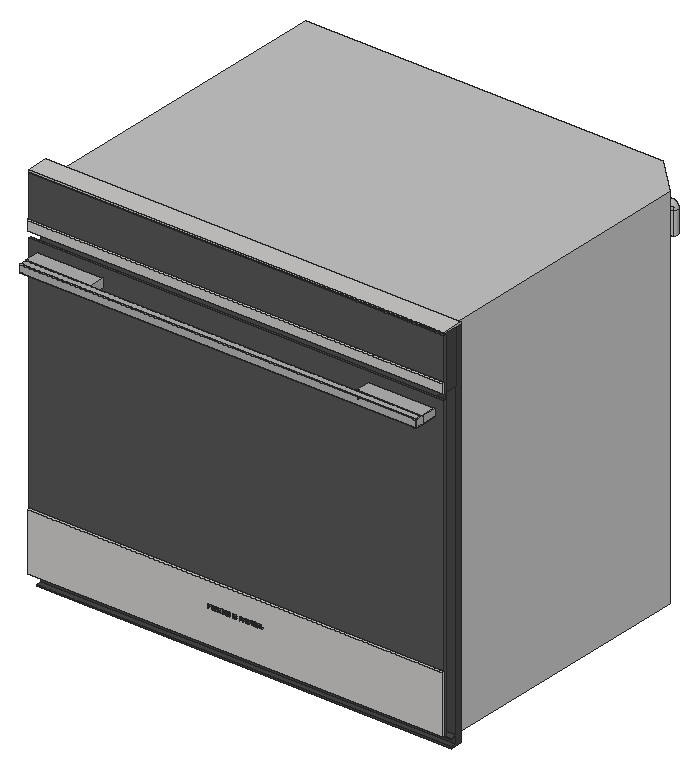
Revit family "FP_Revit_18_OB30SDPTX1_Oven_90000940A", category Specialty Equipment, Revit 2018
Family settings
  Round Connector Dimension = Use Diameter
  Part Type = Normal
  OmniClass Number = 23.40.40.14.17.11
  OmniClass Title = Cookers, Ovens, Stoves
  Work Plane-Based = No
  Always vertical = Yes
  Cut with Voids When Loaded = Yes
  Shared = No
  Room Calculation Point = No
Parameters (values of type "OB30SDPTX1")
  Visibility - Clearance Required = yes
  URL = "www.fisherpaykel.com"
  Product - Width = 760 mm  # constant formula
  Product - Height = 690 mm  # constant formula
  Product - Depth = 609 mm  # constant formula
  Model = "OB30SDPTX1"
  Material - Trim = Fisher & Paykel - Stainless Steel
  Material - Structure = Fisher & Paykel - Black
  Material - Handle = Fisher & Paykel - Aluminium
  Material - Glass = Fisher & Paykel - Glass, Black
  Material - Buttons and Dials = Fisher & Paykel - Stainless Steel
  Material - Body = Fisher & Paykel - Grey
  Manufacturer = "Fisher & Paykel Appliances"
  FFL Offset [instance] = 170 mm
  Description = "30\" Self Cleaning Oven"
  Connector Note - Electrical = "208V or 240 V, 16.6 A - 19.4 A"
  Chassis - Width = 720 mm  # constant formula
  Chassis - Height = 675 mm  # constant formula
  Chassis - Depth = 569 mm  # constant formula
  Cavity - Width = 764 mm  # constant formula
  Cavity - Height = 693 mm  # constant formula
  Cavity - Depth = 575 mm  # constant formula
Reference planes
  plane 1 "Datum": y = 0
  plane 2: z = 0
  plane 3 "Center (Left/Right)": x = 0
  plane 4: z = 863
  plane 5: z = 860
  plane 6 "Product LHS": x = -380
  plane 7 "Product RHS": x = 380
  plane 8 "Product - Depth": y = 569
  plane 9 "Cavity LHS": x = -382
  plane 10 "Cavity RHS": x = 382
  plane 11 "Cavity - Depth": y = 575
  plane 12 "Front Face": y = -40
  plane 13 "FFL Offset": z = 170
Forms (mm)
  Extrusion 1, solid, material "Fisher & Paykel - Grey" <- "Material - Body"
    sketch origin (0, 0, 0) x (1, 0, 0) y (0, 1, 0)
      loop
        line (-359.809, 0) -> (360.191, 0) -> (360.191, 503) -> (294.191, 569) -> (-359.809, 569) -> (-359.809, 0)
    from 170 to 845
  Extrusion 2, solid, material "Fisher & Paykel - Clearance Required", visible <- "Visibility - Clearance Required", detail levels coarse
    sketch origin (0, 0, 0) x (1, 0, 0) y (0, 1, 0)
      loop
        line (-361.809, 0) -> (362.191, 0) -> (362.191, 575) -> (-361.809, 575) -> (-361.809, 0)
    from 170 to 851
  Extrusion 3, solid, material "Fisher & Paykel - Black" <- "Material - Structure"
    sketch origin (0, 0, 0) x (0, 1, 0) y (0, 0, 1)
      loop
        line (-11, 857.1) -> (-11, 187.834) -> (-21.5, 185.02) -> (-21.254, 184.102) -> (-11, 186.85) -> (-11, 171.95) -> (-22, 171.95) -> (-22, 170) -> (0, 170) -> (0, 857.1) -> (-11, 857.1)
    from -380 to 380
  Extrusion 4, solid, material "Fisher & Paykel - Black" <- "Material - Structure"
    sketch origin (0, 0, 0) x (0, 1, 0) y (0, 0, 1)
      loop
        line (-36, 857.1) -> (-36, 760) -> (-11, 760) -> (-11, 857.1) -> (-36, 857.1)
    from -380 to 380
  Extrusion 5, solid, material "Fisher & Paykel - Black" <- "Material - Structure"
    sketch origin (0, 0, 0) x (0, 1, 0) y (0, 0, 1)
      loop
        line (-16.2, 197.63) -> (-16.2, 747.665) -> (-36, 747.665) -> (-36, 197.63) -> (-16.2, 197.63)
    from -365 to 363.494
  Extrusion 6, solid, material "Fisher & Paykel - Black" <- "Material - Structure"
    sketch origin (0, 0, 0) x (0, 1, 0) y (0, 0, 1)
      loop
        line (-16.2, 747.665) -> (-16.2, 197.63) -> (-11, 197.63) -> (-11, 747.665) -> (-16.2, 747.665)
    from -361 to 361
  Extrusion 7, solid, material "Fisher & Paykel - Glass, Black" <- "Material - Glass"
    sketch origin (0, 0, 0) x (0, 1, 0) y (0, 0, 1)
      loop
        line (-40, 747.665) -> (-40, 197.63) -> (-36, 197.63) -> (-36, 747.665) -> (-40, 747.665)
    from -380 to 380
  Extrusion 8, solid, material "Fisher & Paykel - Glass, Black"
    sketch origin (0, 0, 0) x (0, 1, 0) y (0, 0, 1)
      loop
        line (-40, 855.1) -> (-40, 760) -> (-36, 760) -> (-36, 855.1) -> (-40, 855.1)
    from -380 to 380
  Extrusion 9, solid, material "Fisher & Paykel - Stainless Steel" <- "Material - Trim", detail levels fine
    sketch origin (0, 0, 0) x (0, 1, 0) y (0, 0, 1)
      loop
        line (-41.95, 777.531) -> (-41.95, 760) -> (-40, 760) -> (-40, 779.643) -> (-40.8, 779.643) -> (-41.95, 777.531)
    from -380 to 380
  Extrusion 10, solid, material "Fisher & Paykel - Clearance Required", visible <- "Visibility - Clearance Required", detail levels coarse
    sketch origin (0, -2000, 0) x (0, 1, 0) y (0, 0, 1)
      loop
        line (2000, 863) -> (1961, 863) -> (1961, 749.316)
        arc (1961, 749.316) -> (1570.899, 587.731) -> (1409.314, 197.63) r 551.686
        line (1409.314, 197.63) -> (1960, 197.63) -> (1960, 170) -> (2000, 170) -> (2000, 863)
    from -382 to 382
  Extrusion 11, solid, material "Fisher & Paykel - Stainless Steel" <- "Material - Trim", detail levels fine
    sketch origin (0, -2000, 0) x (0, 1, 0) y (0, 0, 1)
      loop
        line (1958.3, 303.247) -> (1958.3, 197.63) -> (1960, 197.63) -> (1960, 305.415) -> (1959.2, 305.415) -> (1958.3, 303.247)
    from -379.809 to 380
  Extrusion 12, solid, material "Fisher & Paykel - Stainless Steel" <- "Material - Trim"
    sketch origin (0, 0, 0) x (0, 1, 0) y (0, 0, 1)
      loop
        line (-40, 860) -> (-40, 857.1) -> (0, 857.1) -> (0, 860) -> (-40, 860)
    from -380 to 380
  Extrusion 13, void
    sketch origin (0, 0, 0) x (1, 0, 0) y (0, 1, 0)
      loop
        line (-361.809, 575) -> (-361.809, 0) -> (362.191, 0) -> (362.191, 575) -> (-361.809, 575)
    from 170 to 851
  Extrusion 14, void
    sketch origin (0, 0, 0) x (1, 0, 0) y (0, 1, 0)
      loop
        line (-382, 0) -> (-382, -40) -> (382, -40) -> (382, 0) -> (-382, 0)
    from 170 to 863
Lines and regions (mm)
  model lines, style "Fisher & Paykel"
    curve 1: line (-54, -40, 850.5) -> (54, -40, 850.5)
    curve 2: line (-54, -40, 785.7) -> (-54, -40, 850.5)
    curve 3: line (54, -40, 785.7) -> (-54, -40, 785.7)
    curve 4: line (54, -40, 850.5) -> (54, -40, 785.7)
Text (mm)
  text "Due to ongoing product development, product details are subject to change without notice. \nPlease always refer to www.fisherpaykel.com for the most current product information. \n© Fisher & Paykel 2020" at (41.04, -678.295, 0), in view "Ref. Level (Plan)"
Dimensions and locks
  equal spacing: plane 6 "Product LHS", plane 3 "Center (Left/Right)", plane 7 "Product RHS"
  "Product - Width": plane 6 "Product LHS" to plane 7 "Product RHS"
  "Chassis - Depth": plane 1 "Datum" to plane 8 "Product - Depth"
  equal spacing: plane 9 "Cavity LHS", plane 3 "Center (Left/Right)", plane 10 "Cavity RHS"
  "Cavity - Depth": plane 11 "Cavity - Depth" to plane 1 "Datum"
  Extrusion 2 to Extrusion 2 = 724 mm
  "Cavity - Width": plane 9 "Cavity LHS" to plane 10 "Cavity RHS"
  "Chassis - Width": Extrusion 1 to Extrusion 1
  plane 12 "Front Face" to plane 1 "Datum" = 40 mm
  "FFL Offset": plane 13 "FFL Offset" to level
  "Product - Height": plane 5 to plane 13 "FFL Offset"
  "Cavity - Height": plane 4 to plane 13 "FFL Offset"
  locked: plane 5 to nested 1 at 109.352
  "Chassis - Height": Extrusion 1 to plane 13 "FFL Offset"
  locked: Extrusion 11 to plane 13 "FFL Offset" at 27.63
  locked: Extrusion 7 to plane 13 "FFL Offset" at 27.63
  locked: Extrusion 2 to plane 13 "FFL Offset" at 681
  locked: plane 5 to nested 3 at 129.406
  locked: nested 2 to plane 13 "FFL Offset" at 88.6
  aligned and locked: level to plane 2
  aligned and locked: plane 6 "Product LHS" to Extrusion 3
  aligned and locked: Extrusion 3 to plane 7 "Product RHS"
  aligned and locked: plane 9 "Cavity LHS" to Extrusion 10
  aligned and locked: Extrusion 10 to plane 10 "Cavity RHS"
  aligned and locked: Extrusion 1 to plane 13 "FFL Offset"
  aligned and locked: plane 13 "FFL Offset" to Extrusion 3 sketch curve
  aligned and locked: Extrusion 10 sketch curve to plane 13 "FFL Offset"
  aligned and locked: Extrusion 7 to Extrusion 6
  aligned and locked: Extrusion 5 to Extrusion 6
  aligned and locked: Extrusion 2 to Extrusion 1
  aligned and locked: Extrusion 13 to Extrusion 1
  aligned and locked: Extrusion 14 to Extrusion 1
  aligned and locked: plane 4 to Extrusion 14
  aligned and locked: Extrusion 13 to Extrusion 2
Automatic sketch dimensions
  plane 1 "Datum" to Extrusion 1 sketch curve = 0 mm
  Extrusion 1 sketch curve to plane 8 "Product - Depth" = 0 mm
  Extrusion 1 sketch curve to plane 6 "Product LHS" = 20.191 mm
  plane 7 "Product RHS" to Extrusion 1 sketch curve = 85.809 mm
  plane 7 "Product RHS" to Extrusion 1 sketch curve = 19.809 mm
  Extrusion 1 sketch curve to plane 8 "Product - Depth" = 66 mm
  plane 1 "Datum" to Extrusion 2 sketch curve = 0 mm
  plane 11 "Cavity - Depth" to Extrusion 2 sketch curve = 0 mm
  Extrusion 2 sketch curve to plane 6 "Product LHS" = 18.191 mm
  plane 7 "Product RHS" to Extrusion 2 sketch curve = 17.809 mm
  plane 1 "Datum" to Extrusion 4 sketch curve = 36 mm
  plane 1 "Datum" to Extrusion 4 sketch curve = 11 mm
  Extrusion 4 sketch curve to plane 5 = 100 mm
  Extrusion 4 sketch curve to plane 5 = 2.9 mm
  plane 1 "Datum" to Extrusion 5 sketch curve = 36 mm
  plane 1 "Datum" to Extrusion 5 sketch curve = 16.2 mm
  level to Extrusion 5 sketch curve = 197.63 mm
  Extrusion 5 sketch curve to plane 5 = 112.335 mm
  plane 1 "Datum" to Extrusion 6 sketch curve = 16.2 mm
  Extrusion 6 sketch curve to Extrusion 6 sketch curve = 5.2 mm
  level to Extrusion 6 sketch curve = 197.63 mm
  Extrusion 6 sketch curve to plane 5 = 112.335 mm
  plane 1 "Datum" to Extrusion 7 sketch curve = 40 mm
  Extrusion 7 sketch curve to Extrusion 7 sketch curve = 4 mm
  level to Extrusion 7 sketch curve = 197.63 mm
  Extrusion 7 sketch curve to plane 5 = 112.335 mm
  plane 1 "Datum" to Extrusion 8 sketch curve = 40 mm
  Extrusion 8 sketch curve to Extrusion 8 sketch curve = 4 mm
  Extrusion 8 sketch curve to plane 5 = 100 mm
  Extrusion 8 sketch curve to plane 5 = 4.9 mm
  plane 5 to Extrusion 12 sketch curve = 0 mm
  Extrusion 12 sketch curve to plane 5 = 2.9 mm
  Extrusion 12 sketch curve to Extrusion 12 sketch curve = 40 mm
  plane 1 "Datum" to Extrusion 12 sketch curve = 40 mm
  plane 1 "Datum" to Extrusion 13 sketch curve = 0 mm
  Extrusion 13 sketch curve to plane 6 "Product LHS" = 18.191 mm
  plane 7 "Product RHS" to Extrusion 13 sketch curve = 17.809 mm
  plane 11 "Cavity - Depth" to Extrusion 13 sketch curve = 0 mm
  Extrusion 14 sketch curve to plane 9 "Cavity LHS" = 0 mm
  Extrusion 14 sketch curve to plane 10 "Cavity RHS" = 0 mm
  plane 1 "Datum" to Extrusion 14 sketch curve = 0 mm
  plane 1 "Datum" to Extrusion 14 sketch curve = 40 mm
  Extrusion 9 sketch curve to Extrusion 9 sketch curve = 0.8 mm
  Extrusion 9 sketch curve to plane 12 "Front Face" = 1.95 mm
  Extrusion 9 sketch curve to plane 5 = 100 mm
  Extrusion 9 sketch curve to Extrusion 9 sketch curve = 17.531 mm
  Extrusion 9 sketch curve to Extrusion 9 sketch curve = 2.112 mm
  Extrusion 9 sketch curve to plane 12 "Front Face" = 0 mm
  Extrusion 11 sketch curve to plane 12 "Front Face" = 1.7 mm
  level to Extrusion 11 sketch curve = 197.63 mm
  Extrusion 11 sketch curve to Extrusion 11 sketch curve = 105.617 mm
  Extrusion 11 sketch curve to Extrusion 11 sketch curve = 0.8 mm
  Extrusion 11 sketch curve to Extrusion 11 sketch curve = 2.168 mm
  Extrusion 11 sketch curve to plane 12 "Front Face" = 0 mm
  plane 3 "Center (Left/Right)" to curve 1 = 54 mm
  curve 2 to plane 4 = 77.3 mm
  curve 3 to curve 2 = 108 mm
  curve 2 to curve 1 = 64.8 mm
  Extrusion 3 sketch curve to plane 1 "Datum" = 0 mm
  plane 1 "Datum" to Extrusion 3 sketch curve = 11 mm
  Extrusion 3 sketch curve to Extrusion 3 sketch curve = 0 mm
  Extrusion 3 sketch curve to Extrusion 3 sketch curve = 10.254 mm
  plane 13 "FFL Offset" to Extrusion 3 sketch curve = 15.02 mm
  Extrusion 3 sketch curve to Extrusion 3 sketch curve = 0.246 mm
  plane 13 "FFL Offset" to Extrusion 3 sketch curve = 1.95 mm
  Extrusion 3 sketch curve to Extrusion 3 sketch curve = 11 mm
  Extrusion 3 sketch curve to Extrusion 3 sketch curve = 0.918 mm
  Extrusion 3 sketch curve to plane 5 = 2.9 mm
  Extrusion 10 sketch curve to plane 1 "Datum" = 0 mm
  plane 12 "Front Face" to Extrusion 10 sketch curve = 1 mm
  Extrusion 10 sketch curve to Extrusion 10 sketch curve = 1 mm
  plane 13 "FFL Offset" to Extrusion 10 sketch curve = 27.63 mm
  Extrusion 10 sketch curve to plane 12 "Front Face" = 550.686 mm
  Extrusion 10 sketch curve to plane 4 = 0 mm
Nested families
  nested 1: "F&P Inlet Power OB30" at (327.191, 536, 800.625) x (0.7071, -0.7071, 0) z (0, 0, 1), type "F&P Inlet Power OB30"
  nested 2: "F&P Logo 100mm" at (0, -41.7, 258.6), type "Grey", detail levels fine
  nested 3: "F&P Handle Contemporary Square OB30" at (0, -40, 722.616), type "Aluminium"
Connectors
  electrical at (334.648, 543.457, 750.648), driven by "Connector Note - Electrical"
    settings: on nested 1, index 1, voltage 120 V, apparent load 0 VA, apparent load phase1 0 VA, apparent load phase2 0 VA, apparent load phase3 0 VA, power factor 1, load classification "Other", number of poles 2, system type 30, power factor state 1, is connector primary yes, connector utility no, sub classification motor no, connector description "208V or 240 V, 16.6 A - 19.4 A"
Definition of nested family "F&P Inlet Power OB30"
  Parameters (values of type "F&P Inlet Power OB30")
    URL = "www.fisherpaykel.com"
    Material - Body = none
    Manufacturer = "Fisher & Paykel Appliances"
  Reference planes
    plane 1 "Center (Front/Back)": y = 0
    plane 2: z = 0
    plane 3 "Center (Left/Right)": x = 0
  Forms (mm)
    Extrusion 1, solid, material <- "Material - Body"
      sketch origin (0, 0, 0) x (1, 0, 0) y (0, 0, 1)
        loop
          circle (0, 0) r 14.523
        loop
          circle (0, 0) r 7.273
      from -3.02 to 0
    Sweep 2, solid, material <- "Material - Body"
      path origin (0, 0, 0) x (0, 1, 0) y (0, 0, 1)
        loop
          line (0, 0) -> (2.546, 0)
          arc (2.546, 0) -> (8.203, -2.343) -> (10.546, -8) r 8
          line (10.546, -8) -> (10.546, -49.977)
      profile origin (0, 1.273, 0) x (0, 0, 1) y (1, 0, 0)
        loop
          circle (0, 0) r 7.273
  Dimensions and locks
    aligned and locked: level to plane 2
Definition of nested family "F&P Logo 100mm"
  Parameters (values of type "Chrome")
    URL = "www.fisherpaykel.com"
    Material - Logo = none
    Manufacturer = "Fisher & Paykel Appliances"
  Types (3): name
    (no name)
    Chrome
    Grey
  Reference planes
    plane 1 "Center (Front/Back)": y = 0
    plane 2: z = 0
    plane 3 "Center (Left/Right)": x = 0
  Forms (mm)
    Extrusion 1, solid, material <- "Material - Logo", detail levels fine
      sketch origin (0, 0, 0) x (1, 0, 0) y (0, 0, 1)
        loop
          line (-50.044, 0) -> (-48.47, 0) -> (-48.47, 2.138) -> (-46.011, 2.138) -> (-46.011, 3.472) -> (-48.47, 3.472) -> (-48.47, 4.712) -> (-45.795, 4.712) -> (-45.795, 6.04) -> (-50.044, 6.04) -> (-50.044, 0)
        loop
          line (-42.804, 6.04) -> (-42.804, 0) -> (-41.23, 0) -> (-41.23, 6.04) -> (-42.804, 6.04)
        loop
          line (-30.724, 6.04) -> (-30.724, 0) -> (-29.151, 0) -> (-29.151, 2.42) -> (-26.839, 2.42) -> (-26.839, 0) -> (-25.265, 0) -> (-25.265, 6.04) -> (-26.839, 6.04) -> (-26.839, 3.748) -> (-29.151, 3.748) -> (-29.151, 6.04) -> (-30.724, 6.04)
        loop
          line (-21.906, 6.04) -> (-21.906, 0) -> (-17.602, 0) -> (-17.602, 1.328) -> (-20.347, 1.328) -> (-20.347, 2.42) -> (-17.838, 2.42) -> (-17.838, 3.748) -> (-20.347, 3.748) -> (-20.347, 4.712) -> (-17.602, 4.712) -> (-17.602, 6.04) -> (-21.906, 6.04)
        loop
          line (45.667, 6.04) -> (45.667, 0) -> (49.956, 0) -> (49.956, 1.328) -> (47.241, 1.328) -> (47.241, 6.04) -> (45.667, 6.04)
        loop
          line (42.431, 6.04) -> (38.112, 6.04) -> (38.112, 0) -> (42.431, 0) -> (42.431, 1.328) -> (39.687, 1.328) -> (39.687, 2.42) -> (42.195, 2.42) -> (42.195, 3.748) -> (39.687, 3.748) -> (39.687, 4.712) -> (42.431, 4.712) -> (42.431, 6.04)
        loop
          line (33.451, 3.148) -> (35.683, 6.04) -> (33.844, 6.04) -> (31.915, 3.542) -> (31.915, 6.04) -> (30.342, 6.04) -> (30.342, 0) -> (31.915, 0) -> (31.915, 2.705) -> (33.903, 0) -> (35.763, 0) -> (33.451, 3.148)
        loop
          line (21.98, 6.04) -> (24.262, 2.42) -> (24.262, 0) -> (25.837, 0) -> (25.837, 2.341) -> (28.119, 6.04) -> (26.446, 6.04) -> (25.099, 3.707) -> (23.753, 6.04) -> (21.98, 6.04)
        loop
          line (18.479, 6.04) -> (16.983, 6.04) -> (14.524, 0) -> (16.069, 0) -> (16.501, 1.112) -> (18.921, 1.112) -> (19.354, 0) -> (20.938, 0) -> (18.479, 6.04)
        loop
          line (18.4, 2.439) -> (17.693, 4.174) -> (17.018, 2.439) -> (18.4, 2.439)
        loop
          line (8.031, 6.04) -> (8.031, 0) -> (9.605, 0) -> (9.605, 1.938) -> (10.599, 1.938)
          arc (10.599, 1.938) -> (12.65, 3.989) -> (10.599, 6.04) r 2.051
          line (10.599, 6.04) -> (8.031, 6.04)
        loop
          line (9.605, 4.712) -> (9.605, 3.197) -> (10.501, 3.197)
          arc (10.501, 3.197) -> (11.259, 3.954) -> (10.501, 4.712) r 0.757
          line (10.501, 4.712) -> (9.605, 4.712)
        loop
          line (-11.783, 6.04) -> (-14.366, 6.04) -> (-14.366, 0) -> (-12.792, 0) -> (-12.792, 1.336) -> (-11.992, 1.336) -> (-10.972, 0) -> (-9.153, 0) -> (-10.694, 1.973)
          arc (-10.694, 1.973) -> (-9.678, 4.424) -> (-11.783, 6.04) r 2.179
        loop
          line (-11.897, 4.712) -> (-12.792, 4.712) -> (-12.792, 3.053) -> (-11.897, 3.053)
          arc (-11.897, 3.053) -> (-11.068, 3.882) -> (-11.897, 4.712) r 0.83
        loop
          line (0.477, 4.712) -> (0.477, 6.153) -> (-3.575, 6.153) -> (-3.575, 4.851) -> (-2.974, 4.112)
          arc (-2.974, 4.112) -> (-3.51, 0.684) -> (-0.045, 0.512) r 2.334
          line (-0.045, 0.512) -> (0.46, -0.109) -> (2.246, -0.109) -> (0.86, 1.594) -> (2.061, 3.324) -> (0.443, 3.324) -> (-0.013, 2.667) -> (-1.677, 4.712) -> (0.477, 4.712)
        loop
          arc (-2.125, 3.068) -> (-2.269, 1.668) -> (-0.868, 1.524) r 0.996
          line (-0.868, 1.524) -> (-2.125, 3.068)
        loop
          line (-35.18, 3.634) -> (-36.516, 3.91)
          arc (-36.516, 3.91) -> (-37.049, 4.443) -> (-36.516, 4.976) r 0.533
          arc (-36.516, 4.976) -> (-35.235, 4.79) -> (-34.059, 4.248) r 4.505
          line (-34.059, 4.248) -> (-34.059, 5.743)
          arc (-34.059, 5.743) -> (-35.549, 6.179) -> (-37.1, 6.109) r 4.726
          arc (-37.1, 6.109) -> (-38.536, 4.335) -> (-37.1, 2.561) r 1.814
          line (-37.1, 2.561) -> (-35.754, 2.282)
          arc (-35.754, 2.282) -> (-35.221, 1.749) -> (-35.754, 1.216) r 0.533
          arc (-35.754, 1.216) -> (-37.035, 1.402) -> (-38.211, 1.945) r 4.505
          line (-38.211, 1.945) -> (-38.211, 0.449)
          arc (-38.211, 0.449) -> (-36.72, 0.013) -> (-35.169, 0.083) r 4.726
          arc (-35.169, 0.083) -> (-33.734, 1.863) -> (-35.18, 3.634) r 1.814
      from 0 to 0.8
  Dimensions and locks
    aligned and locked: level to plane 2
Definition of nested family "F&P Handle Contemporary Square OB30"
  Parameters (values of type "Aluminium, Dark")
    URL = "www.fisherpaykel.com"
    Material - Handle = none
    Manufacturer = "Fisher & Paykel Appliances"
    Handle - Length = 727 mm
  Types (3): name
    (no name)
    Aluminium
    Aluminium, Dark
  Reference planes
    plane 1 "Center (Front/Back)": y = 0
    plane 2: z = 0
    plane 3 "Center (Left/Right)": x = 0
    plane 4 "Product LHS": x = -363.5
    plane 5 "Product RHS": x = 363.5
    plane 6 "LHS Standoff": x = -243.495
    plane 7 "RHS Standoff": x = 243.505
  Forms (mm)
    Extrusion 1, solid, material <- "Material - Handle", detail levels fine
      sketch origin (0, 0, 0) x (0, 1, 0) y (0, 0, 1)
        loop
          arc (-28.701, 7.561) -> (-29.057, 7.868) -> (-29.514, 7.978) r 1
          line (-29.514, 7.978) -> (-40.5, 7.978)
          arc (-40.5, 7.978) -> (-41.561, 7.539) -> (-42, 6.478) r 1.5
          line (-42, 6.478) -> (-42, -6.522)
          arc (-42, -6.522) -> (-41.561, -7.583) -> (-40.5, -8.022) r 1.5
          line (-40.5, -8.022) -> (-29.487, -8.022)
          arc (-29.487, -8.022) -> (-29.029, -7.911) -> (-28.673, -7.602) r 1
          arc (-28.673, -7.602) -> (-26.256, -0.016) -> (-28.701, 7.561) r 13.038
      from -363.5 to 363.5
    Extrusion 2, solid, material <- "Material - Handle", detail levels fine
      sketch origin (0, 0, 0) x (0, 1, 0) y (0, 0, 1)
        loop
          arc (-28.23, 7.062) -> (-26.156, 0.008) -> (-28.198, -7.056) r 13.136
          arc (-28.198, -7.056) -> (-28.21, -7.463) -> (-27.86, -7.67) r 0.4
          line (-27.86, -7.67) -> (0, -7.67) -> (0, 7.678) -> (-27.893, 7.678)
          arc (-27.893, 7.678) -> (-28.244, 7.47) -> (-28.23, 7.062) r 0.4
      from 243.505 to 363.5
    Extrusion 3, solid, material <- "Material - Handle", detail levels fine
      sketch origin (0, 0, 0) x (0, 1, 0) y (0, 0, -1)
        loop
          arc (-28.23, -7.062) -> (-28.244, -7.47) -> (-27.893, -7.678) r 0.4
          line (-27.893, -7.678) -> (0, -7.678) -> (0, 7.67) -> (-27.86, 7.67)
          arc (-27.86, 7.67) -> (-28.21, 7.463) -> (-28.198, 7.056) r 0.4
          arc (-28.198, 7.056) -> (-26.156, -0.008) -> (-28.23, -7.062) r 13.136
      from 243.495 to 363.5
    Sweep 4, void
      path in 3D
        loop
          line (363.5, -29.514, 7.978) -> (363.5, -40.5, 7.978)
          arc (363.5, -40.5, 7.978) -> (363.5, -41.561, 7.539) -> (363.5, -42, 6.478) r 1.5
          line (363.5, -42, 6.478) -> (363.5, -42, -6.522)
          arc (363.5, -42, -6.522) -> (363.5, -41.561, -7.583) -> (363.5, -40.5, -8.022) r 1.5
          line (363.5, -40.5, -8.022) -> (363.5, -29.487, -8.022)
      profile origin (363.5, -35.007, 7.978) x (1, 0, 0) y (0, 0, 1)
        loop
          line (0, 0) -> (-1.3, 0) -> (0, -1.3) -> (0, 0)
    Sweep 5, void
      path in 3D
        loop
          line (-363.5, -29.487, -8.022) -> (-363.5, -40.5, -8.022)
          arc (-363.5, -40.5, -8.022) -> (-363.5, -41.561, -7.583) -> (-363.5, -42, -6.522) r 1.5
          line (-363.5, -42, -6.522) -> (-363.5, -42, 6.478)
          arc (-363.5, -42, 6.478) -> (-363.5, -41.561, 7.539) -> (-363.5, -40.5, 7.978) r 1.5
          line (-363.5, -40.5, 7.978) -> (-363.5, -29.514, 7.978)
      profile origin (-363.5, -35.007, 7.978) x (-1, 0, 0) y (0, 0, 1)
        loop
          line (0, 0) -> (-1.3, 0) -> (0, -1.3) -> (0, 0)
    Extrusion 6, void
      sketch origin (0, 0, 0) x (1, 0, 0) y (0, 0, 1)
        loop
          line (363.5, 7.978) -> (362.2, 7.978) -> (363.5, 6.678) -> (363.5, 7.978)
        loop
          line (363.5, -8.022) -> (363.5, -6.722) -> (362.2, -8.022) -> (363.5, -8.022)
      from 0 to 40
    Extrusion 7, void
      sketch origin (0, 0, 0) x (1, 0, 0) y (0, 0, 1)
        loop
          line (-363.5, 7.978) -> (-363.5, 6.678) -> (-362.2, 7.978) -> (-363.5, 7.978)
        loop
          line (-363.5, -8.022) -> (-362.2, -8.022) -> (-363.5, -6.722) -> (-363.5, -8.022)
      from 0 to 40
    Extrusion 8, solid, material <- "Material - Handle", detail levels coarse+medium
      sketch origin (0, 0, 0) x (1, 0, 0) y (0, 1, 0)
        loop
          line (-363.5, -42) -> (363.5, -42) -> (363.5, 0) -> (243.505, 0) -> (243.505, -26.156) -> (-243.495, -26.156) -> (-243.495, 0) -> (-363.5, 0) -> (-363.5, -42)
      from -8.022 to 7.978
  Cuts and joins
    Sweep 4, Sweep 5, Extrusion 6, Extrusion 7 cuts Extrusion 1
    Extrusion 6 cuts Extrusion 2
    Extrusion 7 cuts Extrusion 3
  Lines and regions (mm)
    sketch lines
      curve 1: line (363.5, -29.514, 7.978) -> (363.5, -40.5, 7.978)
      curve 2: arc (363.5, -42, 6.478) -> (363.5, -41.561, 7.539) -> (363.5, -40.5, 7.978) r 1.5
      curve 3: line (363.5, -42, 6.478) -> (363.5, -42, -6.522)
      curve 4: arc (363.5, -40.5, -8.022) -> (363.5, -41.561, -7.583) -> (363.5, -42, -6.522) r 1.5
      curve 5: line (363.5, -40.5, -8.022) -> (363.5, -29.487, -8.022)
      curve 6: line (-363.5, -40.5, 7.978) -> (-363.5, -29.514, 7.978)
      curve 7: arc (-363.5, -40.5, 7.978) -> (-363.5, -41.561, 7.539) -> (-363.5, -42, 6.478) r 1.5
      curve 8: line (-363.5, -42, -6.522) -> (-363.5, -42, 6.478)
      curve 9: arc (-363.5, -42, -6.522) -> (-363.5, -41.561, -7.583) -> (-363.5, -40.5, -8.022) r 1.5
      curve 10: line (-363.5, -29.487, -8.022) -> (-363.5, -40.5, -8.022)
  Dimensions and locks
    equal spacing: plane 4 "Product LHS", plane 3 "Center (Left/Right)", plane 5 "Product RHS"
    "Handle - Length": plane 4 "Product LHS" to plane 5 "Product RHS"
    locked: plane 4 "Product LHS" to plane 6 "LHS Standoff" at 120.005
    locked: plane 7 "RHS Standoff" to plane 5 "Product RHS" at 119.995
    aligned and locked: level to plane 2
    aligned and locked: Extrusion 1 to plane 5 "Product RHS"
    aligned and locked: plane 4 "Product LHS" to Extrusion 1
    aligned and locked: Extrusion 2 to plane 5 "Product RHS"
    aligned and locked: plane 4 "Product LHS" to Extrusion 3
    aligned and locked: plane 4 "Product LHS" to Extrusion 8 sketch curve
    aligned and locked: Extrusion 8 sketch curve to plane 5 "Product RHS"
    aligned and locked: Extrusion 8 sketch curve to plane 7 "RHS Standoff"
    aligned and locked: plane 6 "LHS Standoff" to Extrusion 8 sketch curve
    aligned and locked: Extrusion 2 to plane 7 "RHS Standoff"
    aligned and locked: plane 6 "LHS Standoff" to Extrusion 3
  Automatic sketch dimensions
    Extrusion 1 sketch curve to level = 6.522 mm
    plane 1 "Center (Front/Back)" to Extrusion 1 sketch curve = 42 mm
    Extrusion 1 sketch curve to Extrusion 1 sketch curve = 1.5 mm  (x2)
    Extrusion 1 sketch curve to level = 0.04 mm
    Extrusion 1 sketch curve to Extrusion 1 sketch curve = 1.206 mm
    level to Extrusion 1 sketch curve = 6.978 mm
    Extrusion 1 sketch curve to Extrusion 1 sketch curve = 10.986 mm
    Extrusion 1 sketch curve to Extrusion 1 sketch curve = 11.013 mm
    Extrusion 1 sketch curve to Extrusion 1 sketch curve = 1 mm
    level to Extrusion 1 sketch curve = 6.478 mm
    Extrusion 1 sketch curve to Extrusion 1 sketch curve = 0 mm
    Extrusion 2 sketch curve to plane 1 "Center (Front/Back)" = 0 mm
    Extrusion 2 sketch curve to level = 7.67 mm
    Extrusion 2 sketch curve to Extrusion 2 sketch curve = 27.86 mm
    level to Extrusion 2 sketch curve = 7.678 mm
    Extrusion 2 sketch curve to Extrusion 2 sketch curve = 0.033 mm
    Extrusion 2 sketch curve to level = 0.022 mm
    Extrusion 2 sketch curve to Extrusion 2 sketch curve = 11.398 mm
    Extrusion 2 sketch curve to Extrusion 2 sketch curve = 0.4 mm  (x2)
    Extrusion 2 sketch curve to Extrusion 2 sketch curve = 0 mm
    Extrusion 3 sketch curve to plane 1 "Center (Front/Back)" = 0 mm
    Extrusion 3 sketch curve to level = 7.67 mm
    Extrusion 3 sketch curve to Extrusion 3 sketch curve = 27.86 mm
    level to Extrusion 3 sketch curve = 7.678 mm
    Extrusion 3 sketch curve to Extrusion 3 sketch curve = 0.033 mm
    Extrusion 3 sketch curve to level = 0.022 mm
    Extrusion 3 sketch curve to Extrusion 3 sketch curve = 11.398 mm
    Extrusion 3 sketch curve to Extrusion 3 sketch curve = 0.4 mm  (x2)
    Extrusion 3 sketch curve to Extrusion 3 sketch curve = 0 mm
    profile plane to Sweep 4 sketch curve = 0 mm
    Sweep 4 sketch curve to profile plane = 0 mm
    Sweep 4 sketch curve to profile plane = 1.3 mm
    profile plane to Sweep 4 sketch curve = 1.3 mm
    Sweep 5 sketch curve to profile plane = 0 mm  (x2)
    profile plane to Sweep 5 sketch curve = 1.3 mm
    Sweep 5 sketch curve to profile plane = 1.3 mm
    plane 5 "Product RHS" to Extrusion 6 sketch curve = 0 mm  (x2)
    Extrusion 6 sketch curve to Extrusion 6 sketch curve = 1.3 mm  (x4)
    Extrusion 6 sketch curve to level = 6.722 mm
    level to Extrusion 6 sketch curve = 6.678 mm
    plane 4 "Product LHS" to Extrusion 7 sketch curve = 0 mm  (x2)
    Extrusion 7 sketch curve to plane 4 "Product LHS" = 1.3 mm  (x2)
    Extrusion 7 sketch curve to level = 8.022 mm
    level to Extrusion 7 sketch curve = 6.678 mm
    Extrusion 7 sketch curve to Extrusion 7 sketch curve = 1.3 mm  (x2)
    plane 1 "Center (Front/Back)" to Extrusion 8 sketch curve = 0 mm  (x2)
    Extrusion 8 sketch curve to Extrusion 8 sketch curve = 26.156 mm
    Extrusion 8 sketch curve to Extrusion 8 sketch curve = 42 mm
